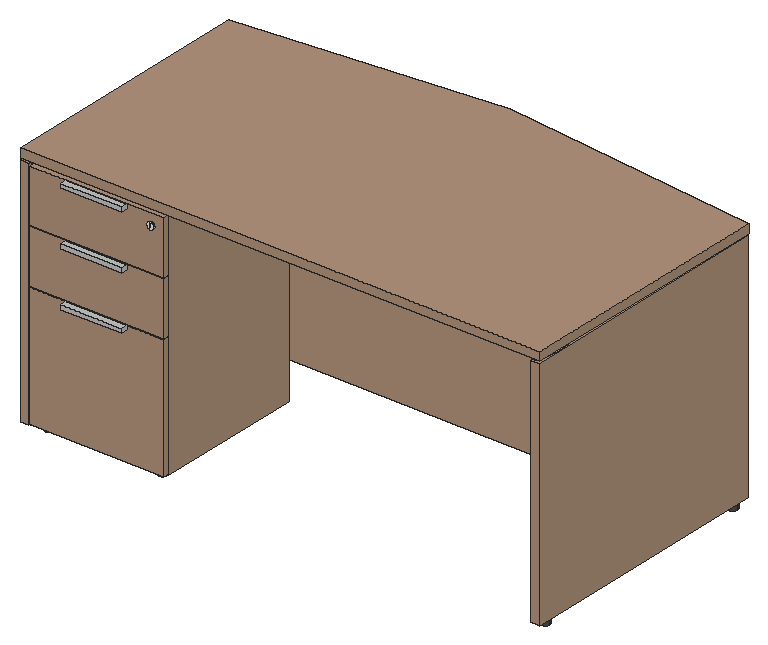
Revit family "Desks-Preconfigured-Teknion-B_SCBS_Convex_Desk_with_Single_Pedestal-R2019", category Furniture, Revit 2019
Family settings
  OmniClass Number = 23.40.20.00
  OmniClass Title = General Furniture and Specialties
  Work Plane-Based = No
  Always vertical = Yes
  Cut with Voids When Loaded = No
  Shared = Yes
  Room Calculation Point = No
Parameters (values of type "1" Thick WS, 30" Depth")
  Worksurface Thickness = 1.016"
  Worksurface Finish [instance] = Source Laminate - Teknion - 3M - Provincial Oak (Cross Grain)
  Width [instance] = 60.000"
  Warranty = "http://www.teknion.com/ca/papers/legal-canada"
  Unit Weight URL = "http://www.teknion.com/ca/tools/assets#&asset=bee6a381-b954-425e-8283-5a2de3a804f2,f828d448-4b62-4231-9e5f-9a8991c0ed77"
  URL = "www.teknion.com"
  To render please download texture images found here [instance] = "https://assets.teknion.com/web/5e81352c1dfdb467/revit-material-swatches/"
  Sustainability Data = "https://www.teknion.com/ca/tools/assets#&topic=216f99a5-57a0-44fc-b10a-9dee9b29ae4c&asset=444deb64-fe58-4b68-981e-f75e97781df7,b4ff2d81-9f2e-437d-9659-7cffb09c31cf"
  Storage Offset [instance] = if(Has Right Storage, 1.016", Actual Width - 16.516")  # 43.184"
  Storage Configuration Note = "Please choose one of the following options below."  # constant formula
  Series = "Expansion Casegoods"  # constant formula
  Rectangular Grommet [instance] = no
  Raidus Offset = if(Depth = 30.000", 7.981", 11.000")  # 7.981"
  Product Page URL = "https://www.teknion.com/ca/products/product-details?productLineId=0053336e-8e7a-673b-a6c8-ff00004460c4"
  Product Line = "Expansion Casegoods"  # constant formula
  Product Documentation Link = "https://www.teknion.com/pricing/expansion-casegoods/pdfs/B_SCBS_ppg.pdf"
  Part Number = "B_SCBS"  # constant formula
  Panel Offset [instance] = if(Depth = 36.000", 8.016", 5.016")  # 5.016"
  No Grommet Option [instance] = not(or(Elliptical Grommet, Rectangular Grommet))  # yes
  Model = "BDSCBS30____"
  Manufacturer Phone = "416-661-3370"  # constant formula
  Manufacturer Fax = "416.661.4586"  # constant formula
  Manufacturer Contact Information = "http://www.teknion.com/ca/contactus"
  Manufacturer Address = "1150 Flint Road, Toronto, ON. M3J 2J5. Canada"  # constant formula
  Manufacturer = "Teknion"  # constant formula
  How To Use Teknion Materials User Guide [instance] = "https://assets.teknion.com/m/205dd0a49fa58060/original/How-to-add-a-Material-Library-and-Texture-Images-to-your-Revit-project.pdf"
  Has Right Storage [instance] = not(Has Left Storage)  # no
  Has Left Storage [instance] = yes
  Hardware and Pull Finish [instance] = Paint - Teknion - Mica - Platinum
  Rectangular Grommet Offset = if(Depth = 36.000", 8.803", 6.834")  # 6.834"
  Grommet Option Note [instance] = "Please choose one of the following options."  # constant formula
  Grommet Finish [instance] = Paint - Teknion - Foundation - Soft Gris
  For Additional Finishes please visit [instance] = "https://assets.teknion.com/m/44a8009b046e5d47/original/Teknion_Materials_Library.zip"
  Elliptical Grommet Offset = if(Depth = 36.000", 2.209", 3.240")  # 3.240"
  Elliptical Grommet [instance] = no
  Drawer Front Finish [instance] = Source Laminate - Teknion - 3M - Provincial Oak
  Description = "Convex Desk with Single Pedestal, 1\" Worksurface Thickness, 30\" Depth"
  Depth = 30.000"
  Case, Gable, and Modesty Panel Finish [instance] = Source Laminate - Teknion - 3M - Provincial Oak
  Available Widths [instance] = if(and(Depth = 30.000", Worksurface Thickness = 1.016"), "60, 66, or 72 inches.", "60, 66, 72, 78, or 84 inches.")  # "60, 66, or 72 inches."
  Assembly Code = "E2020200"
  Actual Width [instance] = if(Width = 60.000", 59.700", if(Width = 66.000", 65.670", if(Width = 72.000", 71.640", if(Width = 78.000", 77.610", 83.580"))))  # 59.700"
Types (6): name | Worksurface Thickness | Raidus Offset | Panel Offset | Model | Rectangular Grommet Offset | Elliptical Grommet Offset | Description | Depth | Available Widths
  (no name) | 1.016" | 7.981" | 5.016" | "BDSCBS30____" | 6.834" | 3.240" | "Convex Desk with Single Pedestal, 1\" Worksurface Thickness, 30\" Depth" | 30.000" | "60, 66, or 72 inches."
  1-3/16" Thick WS, 36" Depth | 1.189" | 11.000" | 8.016" | "BMSCBS36____" | 8.803" | 2.209" | "Convex Desk with Single Pedestal, 1-3/16\" Worksurface Thickness, 36\" Depth" | 36.000" | "60, 66, 72, 78, or 84 inches."
  1-3/16" Thick WS, 30" Depth | 1.189" | 7.981" | 5.016" | "BMSCBS30____" | 6.834" | 3.240" | "Convex Desk with Single Pedestal, 1-3/16\" Worksurface Thickness, 30\" Depth" | 30.000" | "60, 66, 72, 78, or 84 inches."
  1" Thick WS, 30" Depth | 1.016" | 7.981" | 5.016" | "BDSCBS30____" | 6.834" | 3.240" | "Convex Desk with Single Pedestal, 1\" Worksurface Thickness, 30\" Depth" | 30.000" | "60, 66, or 72 inches."
  1-9/16" Thick WS, 36" Depth | 1.555" | 11.000" | 8.016" | "BXSCBS36____" | 8.803" | 2.209" | "Convex Desk with Single Pedestal, 1-9/16\" Worksurface Thickness, 36\" Depth" | 36.000" | "60, 66, 72, 78, or 84 inches."
  1-9/16" Thick WS, 30" Depth | 1.555" | 7.981" | 5.016" | "BXSCBS30____" | 6.834" | 3.240" | "Convex Desk with Single Pedestal, 1-9/16\" Worksurface Thickness, 30\" Depth" | 30.000" | "60, 66, 72, 78, or 84 inches."
Reference planes (in)
  plane 1 "Center Front/Back": y = 6.14394
  plane 2: z = 0
  plane 3 "Center Left/Right": x = -0.86967
  plane 4 "Left": x = -30.71967
  plane 5 "Right": x = 28.98033
  plane 6 "Back": y = 21.14394
  plane 7 "Front": y = -8.85606
  plane 8 "Top": z = 27.80709
  plane 9: x = -29.70392
  plane 10: x = 27.96459
  plane 11: y = 16.12794
  plane 12: x = -29.70367
  plane 13: y = 9.14394
  plane 14: z = 27.53543
  plane 15: z = 0.60236
  plane 16: z = 27.48031
  plane 17: z = 28.82309
  plane 18 "Storage Reference Plane": x = -14.20367
  plane 19 "Grommet Plane": y = 14.30994
Forms (in)
  Sweep 1, solid, material "Source Laminate - Teknion - 3M - Provincial Oak" <- "Case, Gable, and Modesty Panel Finish"
    path origin (0, 6.14394, 0) x (1, 0, 0) y (0, 0, 1)
      loop
        line (-0.86967, 0.60236) -> (-0.86967, 27.53543)
    profile origin (-0.86967, 6.14394, 14.0689) x (-1, 0, 0) y (0, -1, 0)
      loop
        line (28.83425, -15) -> (29.85, -15) -> (29.85, 15) -> (28.83425, 15) -> (28.83425, -15)
      loop
        line (-28.83425, -15) -> (-28.83425, 15) -> (-29.85, 15) -> (-29.85, -15) -> (-28.83425, -15)
  Sweep 2, solid, material "Source Laminate - Teknion - 3M - Provincial Oak" <- "Case, Gable, and Modesty Panel Finish"
    path origin (0, 6.14394, 0) x (1, 0, 0) y (0, 0, 1)
      loop
        line (-0.86967, 0.60236) -> (-0.86967, 27.53543)
    profile origin (-0.86967, 6.14394, 14.0689) x (-1, 0, 0) y (0, -1, 0)
      loop
        line (28.83425, -9.984) -> (28.83425, -8.96825) -> (-28.83425, -8.96825) -> (-28.83425, -9.984) -> (28.83425, -9.984)
  Sweep 3, solid, material "Source Laminate - Teknion - 3M - Provincial Oak" <- "Case, Gable, and Modesty Panel Finish"
    path origin (0, 6.14394, 0) x (1, 0, 0) y (0, 0, 1)
      loop
        line (20.96459, 0.60236) -> (20.96459, 27.48031)
    profile origin (20.96459, 6.14394, 14.04134) x (-1, 0, 0) y (0, -1, 0)
      loop
        line (50.66825, -3) -> (50.66825, 14.29921) -> (35.16825, 14.29921) -> (35.16825, -3) -> (50.66825, -3)
  Sweep 4, solid, material "Source Laminate - Teknion - 3M - Provincial Oak" <- "Drawer Front Finish"
    path origin (0, 0, 0) x (1, 0, 0) y (0, 1, 0)
      loop
        line (20.21459, -8.15527) -> (20.21459, -8.85606)
    profile origin (20.21459, -8.50566, 0) x (1, 0, 0) y (0, 0, 1)
      loop
        line (-49.918, 0.72047) -> (-34.41825, 0.72047) -> (-34.41825, 14.88189) -> (-49.918, 14.88189) -> (-49.918, 0.72047)
      loop
        line (-49.91825, 27.36221) -> (-49.91825, 21.24016) -> (-34.41825, 21.24016) -> (-34.41825, 27.36221) -> (-49.91825, 27.36221)
      loop
        line (-49.91825, 15) -> (-34.41825, 15) -> (-34.41825, 21.12205) -> (-49.91825, 21.12205) -> (-49.91825, 15)
  Sweep 5, solid, material "Paint - Teknion - Mica - Platinum" <- "Hardware and Pull Finish"
    path origin (0, 0, 0) x (1, 0, 0) y (0, 1, 0)
      loop
        line (20.21459, -9.60803) -> (20.21459, -8.85606)
    profile origin (20.21459, -9.23204, 0) x (-1, 0, 0) y (0, 0, 1)
      loop
        line (45.66825, 26.84252) -> (45.66825, 27.34252) -> (38.66825, 27.34252) -> (38.66825, 26.84252) -> (45.66825, 26.84252)
      loop
        line (38.66825, 21.10236) -> (38.66825, 20.60236) -> (45.66825, 20.60236) -> (45.66825, 21.10236) -> (38.66825, 21.10236)
      loop
        line (38.66825, 14.86221) -> (38.66825, 14.36221) -> (45.66825, 14.36221) -> (45.66825, 14.86221) -> (38.66825, 14.86221)
  Sweep 6, solid, material "Plastic - Teknion - E - Ebony"
    path origin (0, 6.14394, 0) x (1, 0, 0) y (0, 0, 1)
      loop
        line (-0.86967, 0) -> (-0.86967, 0.60236)
    profile origin (-0.86967, 6.14394, 0.30118) x (-1, 0, 0) y (0, -1, 0)
      loop
        circle (29.34276, -13.47847) r 0.5
      loop
        circle (-29.34276, -13.47847) r 0.5
      loop
        circle (29.34276, 13.47847) r 0.5
      loop
        circle (-29.34276, 13.47847) r 0.5
      loop
        circle (14.5959, 13.61) r 0.5
      loop
        circle (14.5959, -1.7482) r 0.5
      loop
        circle (27.57415, 13.61042) r 0.5
      loop
        circle (27.57415, -1.7482) r 0.5
  Sweep 7, solid, material "Metal - Teknion - C6 - Chrome"
    path origin (0, 0, 0) x (1, 0, 0) y (0, 1, 0)
      loop
        line (26.46852, -8.91511) -> (26.46852, -8.85606)
    profile origin (26.46852, -8.88559, 0) x (-1, 0, 0) y (0, 0, 1)
      loop
        line (42.21721, 26.28937) -> (42.11879, 26.28937) -> (42.11879, 25.91535) -> (42.21721, 25.91535) -> (42.21721, 26.28937)
      loop
        circle (42.168, 26.10236) r 0.39422
  Sweep 8, solid, material "Paint - Teknion - Mica - Platinum" <- "Hardware and Pull Finish"
    path origin (0, 6.14394, 0) x (1, 0, 0) y (0, 0, 1)
      loop
        line (-0.86967, 27.53543) -> (-0.86967, 27.80709)
    profile origin (-0.86967, 6.14394, 27.67126) x (-1, 0, 0) y (0, -1, 0)
      loop
        spline (28.83425, -9.47387) -> (28.60098, -9.56337) -> (28.38361, -9.82577) -> (28.19694, -10.24318) -> (28.05371, -10.78717) -> (27.96367, -11.42065) -> (27.93296, -12.10047) -> (27.96367, -12.78028) -> (28.05371, -13.41376) -> (28.19694, -13.95775) -> (28.38361, -14.37517) -> (28.60098, -14.63756) -> (28.83425, -14.72706)
        spline (28.83425, -14.72706) -> (29.06752, -14.63756) -> (29.2849, -14.37517) -> (29.47156, -13.95775) -> (29.61479, -13.41376) -> (29.70483, -12.78028) -> (29.73554, -12.10047) -> (29.70483, -11.42065) -> (29.61479, -10.78717) -> (29.47156, -10.24318) -> (29.2849, -9.82577) -> (29.06752, -9.56337) -> (28.83425, -9.47387)
      loop
        spline (-28.83425, -9.47387) -> (-29.06752, -9.56337) -> (-29.2849, -9.82577) -> (-29.47156, -10.24318) -> (-29.61479, -10.78717) -> (-29.70483, -11.42065) -> (-29.73554, -12.10047) -> (-29.70483, -12.78028) -> (-29.61479, -13.41376) -> (-29.47156, -13.95775) -> (-29.2849, -14.37517) -> (-29.06752, -14.63756) -> (-28.83425, -14.72706)
        spline (-28.83425, -14.72706) -> (-28.60098, -14.63756) -> (-28.38361, -14.37517) -> (-28.19694, -13.95775) -> (-28.05371, -13.41376) -> (-27.96367, -12.78028) -> (-27.93296, -12.10047) -> (-27.96367, -11.42065) -> (-28.05371, -10.78717) -> (-28.19694, -10.24318) -> (-28.38361, -9.82577) -> (-28.60098, -9.56337) -> (-28.83425, -9.47387)
      loop
        spline (28.83425, 9.47387) -> (29.06752, 9.56337) -> (29.2849, 9.82577) -> (29.47156, 10.24318) -> (29.61479, 10.78717) -> (29.70483, 11.42065) -> (29.73554, 12.10047) -> (29.70483, 12.78028) -> (29.61479, 13.41376) -> (29.47156, 13.95775) -> (29.2849, 14.37517) -> (29.06752, 14.63756) -> (28.83425, 14.72706)
        spline (28.83425, 14.72706) -> (28.60098, 14.63756) -> (28.38361, 14.37517) -> (28.19694, 13.95775) -> (28.05371, 13.41376) -> (27.96367, 12.78028) -> (27.93296, 12.10047) -> (27.96367, 11.42065) -> (28.05371, 10.78717) -> (28.19694, 10.24318) -> (28.38361, 9.82577) -> (28.60098, 9.56337) -> (28.83425, 9.47387)
      loop
        spline (-28.83425, 9.47387) -> (-28.60098, 9.56337) -> (-28.38361, 9.82577) -> (-28.19694, 10.24318) -> (-28.05371, 10.78717) -> (-27.96367, 11.42065) -> (-27.93296, 12.10047) -> (-27.96367, 12.78028) -> (-28.05371, 13.41376) -> (-28.19694, 13.95775) -> (-28.38361, 14.37517) -> (-28.60098, 14.63756) -> (-28.83425, 14.72706)
        spline (-28.83425, 14.72706) -> (-29.06752, 14.63756) -> (-29.2849, 14.37517) -> (-29.47156, 13.95775) -> (-29.61479, 13.41376) -> (-29.70483, 12.78028) -> (-29.73554, 12.10047) -> (-29.70483, 11.42065) -> (-29.61479, 10.78717) -> (-29.47156, 10.24318) -> (-29.2849, 9.82577) -> (-29.06752, 9.56337) -> (-28.83425, 9.47387)
  Sweep 9, solid, material "Source Laminate - Teknion - 3M - Provincial Oak (Cross Grain)" <- "Worksurface Finish"
    path origin (0, -8.85606, 0) x (-1, 0, 0) y (0, 0, 1)
      loop
        line (0.86967, 28.82309) -> (0.86967, 27.80709)
    profile origin (-0.86967, -8.85606, 28.31509) x (0, -1, 0) y (1, 0, 0)
      loop
        line (-30, -29.85) -> (0, -29.85) -> (0, 29.85) -> (-30, 29.85)
        arc (-30, 29.85) -> (-32.965, 0) -> (-30, -29.85) r 151.73925
  Sweep 10, solid, material "Paint - Teknion - Foundation - Soft Gris" <- "Grommet Finish", visible <- "Elliptical Grommet"
    path origin (0, -8.85606, 0) x (-1, 0, 0) y (0, 0, 1)
      loop
        line (25.95392, 28.82309) -> (25.95392, 28.94806)
    profile origin (-25.95392, -8.85606, 28.88557) x (-1, 0, 0) y (0, -1, 0)
      loop
        spline (2.6401, -21.74132) -> (2.54213, -21.42545) -> (2.25492, -21.13111) -> (1.79803, -20.87835) -> (1.2026, -20.6844) -> (0.5092, -20.56248) -> (-0.2349, -20.52089) -> (-0.97901, -20.56248) -> (-1.6724, -20.6844) -> (-2.26783, -20.87835) -> (-2.72473, -21.13111) -> (-3.01194, -21.42545) -> (-3.1099, -21.74132)
        spline (-3.1099, -21.74132) -> (-3.01194, -22.05719) -> (-2.72473, -22.35154) -> (-2.26783, -22.60429) -> (-1.6724, -22.79824) -> (-0.97901, -22.92017) -> (-0.2349, -22.96175) -> (0.5092, -22.92017) -> (1.2026, -22.79824) -> (1.79803, -22.60429) -> (2.25492, -22.35154) -> (2.54213, -22.05719) -> (2.6401, -21.74132)
      loop
        arc (1.66881, -22.54503) -> (-0.22737, -22.11958) -> (-2.12355, -22.54503) r 4.43823
        arc (-2.12355, -22.54503) -> (-0.22737, -22.85333) -> (1.66881, -22.54503) r 5.98534
      loop
        arc (1.66881, -20.93761) -> (-0.22737, -20.62931) -> (-2.12355, -20.93761) r 5.98534
        arc (-2.12355, -20.93761) -> (-0.22737, -21.36306) -> (1.66881, -20.93761) r 4.43823
      loop
        spline (-47.05931, -21.74132) -> (-47.15727, -21.42545) -> (-47.44449, -21.13111) -> (-47.90138, -20.87835) -> (-48.49681, -20.6844) -> (-49.19021, -20.56248) -> (-49.93431, -20.52089) -> (-50.67842, -20.56248) -> (-51.37181, -20.6844) -> (-51.96724, -20.87835) -> (-52.42413, -21.13111) -> (-52.71135, -21.42545) -> (-52.80931, -21.74132)
        spline (-52.80931, -21.74132) -> (-52.71135, -22.05719) -> (-52.42413, -22.35154) -> (-51.96724, -22.60429) -> (-51.37181, -22.79824) -> (-50.67842, -22.92017) -> (-49.93431, -22.96175) -> (-49.19021, -22.92017) -> (-48.49681, -22.79824) -> (-47.90138, -22.60429) -> (-47.44449, -22.35154) -> (-47.15727, -22.05719) -> (-47.05931, -21.74132)
      loop
        arc (-48.0306, -22.54503) -> (-49.92678, -22.11958) -> (-51.82296, -22.54503) r 4.43823
        arc (-51.82296, -22.54503) -> (-49.92678, -22.85333) -> (-48.0306, -22.54503) r 5.98534
      loop
        arc (-48.0306, -20.93761) -> (-49.92678, -20.62931) -> (-51.82296, -20.93761) r 5.98534
        arc (-51.82296, -20.93761) -> (-49.92678, -21.36306) -> (-48.0306, -20.93761) r 4.43823
  Sweep 11, solid, material "Paint - Teknion - Foundation - Soft Gris" <- "Grommet Finish", visible <- "Rectangular Grommet"
    path origin (0, -8.85606, 0) x (-1, 0, 0) y (0, 0, 1)
      loop
        line (0.86967, 28.82309) -> (0.86967, 28.98054)
    profile origin (-0.86967, -8.85606, 28.90182) x (-1, 0, 0) y (0, -1, 0)
      loop
        line (24.37107, -23.166) -> (24.37107, -20.32194) -> (21.52284, -20.32194) -> (21.52284, -23.166) -> (24.37107, -23.166)
      loop
        line (-28.17716, -23.166) -> (-25.32893, -23.166) -> (-25.32893, -20.32194) -> (-28.17716, -20.32194) -> (-28.17716, -23.166)
  Sweep 12, solid, material "Paint - Teknion - Foundation - Soft Gris" <- "Grommet Finish", visible <- "Rectangular Grommet"
    path origin (0, -8.85606, 0) x (-1, 0, 0) y (0, 0, 1)
      loop
        line (0.86967, 28.82309) -> (0.86967, 28.98054)
    profile origin (-0.86967, -8.85606, 28.90182) x (-1, 0, 0) y (0, -1, 0)
      loop
        line (24.37107, -23.16637) -> (28.17716, -23.16637) -> (28.17716, -20.32231) -> (24.37107, -20.32231) -> (24.37107, -21.53166) -> (26.64967, -21.53166) -> (26.64967, -21.95701) -> (24.37107, -21.95701) -> (24.37107, -23.16637)
      loop
        line (-21.52284, -20.32194) -> (-25.32893, -20.32194) -> (-25.32893, -21.53129) -> (-23.05033, -21.53129) -> (-23.05033, -21.95664) -> (-25.32893, -21.95664) -> (-25.32893, -23.166) -> (-21.52284, -23.166) -> (-21.52284, -20.32194)
Lines and regions (in)
  Masking region 1
    outline origin (0, 0, 0) x (1, 0, 0) y (0, 1, 0)
      loop
        line (-30.71967, 21.14394) -> (-30.71967, -8.85606) -> (28.98033, -8.85606) -> (28.98033, 21.14394)
        arc (28.98033, 21.14394) -> (-0.86967, 24.10894) -> (-30.71967, 21.14394) r 151.73925
  Masking region 2
    outline origin (0, 0, 0) x (1, 0, 0) y (0, 1, 0)
      loop
        line (-18.45367, -9.60803) -> (-18.45367, -8.85606) -> (-25.45367, -8.85606) -> (-25.45367, -9.60803) -> (-18.45367, -9.60803)
  Masking region 3
    outline origin (0, 0, 0) x (1, 0, 0) y (0, 1, 0)
      loop
        line (26.86274, -8.91511) -> (26.86274, -8.85606) -> (26.07431, -8.85606) -> (26.07431, -8.91511) -> (26.86274, -8.91511)
  symbolic lines, style "FurnitureHiddenLines", detail levels medium+fine
    curve 1: line (-14.20367, 9.14394, 0) -> (-29.70367, 9.14394, 0)
    curve 2: line (-29.70367, 9.14394, 0) -> (-29.70367, -8.15527, 0)
    curve 3: line (27.96459, 21.14394, 0) -> (27.96459, -8.85606, 0)
    curve 4: line (28.98033, 21.14394, 0) -> (27.96459, 21.14394, 0)
    curve 5: line (-29.70392, 15.11219, 0) -> (27.96459, 15.11219, 0)
    curve 6: line (27.96459, 16.12794, 0) -> (-29.70392, 16.12794, 0)
    curve 7: line (-29.70392, -8.85606, 0) -> (-29.70392, 21.14394, 0)
    curve 8: line (-29.70392, 21.14394, 0) -> (-30.71967, 21.14394, 0)
    curve 38: line (-29.70367, -8.15527, 0) -> (-29.70367, -8.85606, 0)
    curve 40: line (-14.20367, -8.15527, 0) -> (-14.20367, 9.14394, 0)
    curve 41: line (-29.70367, -8.15527, 0) -> (-14.20367, -8.15527, 0)
  symbolic lines, style "FurnitureHiddenLines", detail levels fine
    curve 9: spline (-29.70392, -8.58312, 0) -> (-29.47118, -8.49362, 0) -> (-29.2543, -8.23122, 0) -> (-29.06807, -7.81381, 0) -> (-28.92516, -7.26982, 0) -> (-28.83533, -6.63634, 0) -> (-28.80469, -5.95653, 0) -> (-28.83533, -5.27671, 0) -> (-28.92516, -4.64323, 0) -> (-29.06807, -4.09924, 0) -> (-29.2543, -3.68183, 0) -> (-29.47118, -3.41943, 0) -> (-29.70392, -3.32993, 0) -> (-29.93665, -3.41943, 0) -> (-30.15353, -3.68183, 0) -> (-30.33977, -4.09924, 0) -> (-30.48267, -4.64323, 0) -> (-30.5725, -5.27671, 0) -> (-30.60315, -5.95653, 0) -> (-30.5725, -6.63634, 0) -> (-30.48267, -7.26982, 0) -> (-30.33977, -7.81381, 0) -> (-30.15353, -8.23122, 0) -> (-29.93665, -8.49362, 0) -> (-29.70392, -8.58312, 0)
    curve 10: spline (-29.70392, 15.61781, 0) -> (-29.47118, 15.70731, 0) -> (-29.2543, 15.96971, 0) -> (-29.06807, 16.38712, 0) -> (-28.92516, 16.93111, 0) -> (-28.83533, 17.5646, 0) -> (-28.80469, 18.24441, 0) -> (-28.83533, 18.92422, 0) -> (-28.92516, 19.55771, 0) -> (-29.06807, 20.10169, 0) -> (-29.2543, 20.51911, 0) -> (-29.47118, 20.78151, 0) -> (-29.70392, 20.871, 0) -> (-29.93665, 20.78151, 0) -> (-30.15353, 20.51911, 0) -> (-30.33977, 20.10169, 0) -> (-30.48267, 19.55771, 0) -> (-30.5725, 18.92422, 0) -> (-30.60315, 18.24441, 0) -> (-30.5725, 17.5646, 0) -> (-30.48267, 16.93111, 0) -> (-30.33977, 16.38712, 0) -> (-30.15353, 15.96971, 0) -> (-29.93665, 15.70731, 0) -> (-29.70392, 15.61781, 0)
    curve 11: spline (27.96459, -8.58312, 0) -> (28.19732, -8.49362, 0) -> (28.4142, -8.23122, 0) -> (28.60044, -7.81381, 0) -> (28.74334, -7.26982, 0) -> (28.83317, -6.63634, 0) -> (28.86381, -5.95653, 0) -> (28.83317, -5.27671, 0) -> (28.74334, -4.64323, 0) -> (28.60044, -4.09924, 0) -> (28.4142, -3.68183, 0) -> (28.19732, -3.41943, 0) -> (27.96459, -3.32993, 0) -> (27.73185, -3.41943, 0) -> (27.51497, -3.68183, 0) -> (27.32874, -4.09924, 0) -> (27.18583, -4.64323, 0) -> (27.096, -5.27671, 0) -> (27.06536, -5.95653, 0) -> (27.096, -6.63634, 0) -> (27.18583, -7.26982, 0) -> (27.32874, -7.81381, 0) -> (27.51497, -8.23122, 0) -> (27.73185, -8.49362, 0) -> (27.96459, -8.58312, 0)
    curve 18: arc (-30.71242, -7.33452, 0) -> (-30.21242, -6.83452, 0) -> (-29.71242, -7.33452, 0) r 0.5
    curve 19: arc (-29.71242, -7.33452, 0) -> (-30.21242, -7.83452, 0) -> (-30.71242, -7.33452, 0) r 0.5
    curve 20: arc (-30.71242, 19.62241, 0) -> (-30.21242, 20.12241, 0) -> (-29.71242, 19.62241, 0) r 0.5
    curve 21: arc (-29.71242, 19.62241, 0) -> (-30.21242, 19.12241, 0) -> (-30.71242, 19.62241, 0) r 0.5
    curve 22: arc (27.97309, 19.62241, 0) -> (28.47309, 20.12241, 0) -> (28.97309, 19.62241, 0) r 0.5
    curve 23: arc (28.97309, 19.62241, 0) -> (28.47309, 19.12241, 0) -> (27.97309, 19.62241, 0) r 0.5
    curve 24: arc (27.97309, -7.33452, 0) -> (28.47309, -6.83452, 0) -> (28.97309, -7.33452, 0) r 0.5
    curve 25: arc (28.97309, -7.33452, 0) -> (28.47309, -7.83452, 0) -> (27.97309, -7.33452, 0) r 0.5
    curve 26: arc (-15.96557, -7.46606, 0) -> (-15.46557, -6.96606, 0) -> (-14.96557, -7.46606, 0) r 0.5
    curve 27: arc (-14.96557, -7.46606, 0) -> (-15.46557, -7.96606, 0) -> (-15.96557, -7.46606, 0) r 0.5
    curve 28: arc (-15.96557, 7.89214, 0) -> (-15.46557, 8.39214, 0) -> (-14.96557, 7.89214, 0) r 0.5
    curve 29: arc (-14.96557, 7.89214, 0) -> (-15.46557, 7.39214, 0) -> (-15.96557, 7.89214, 0) r 0.5
    curve 30: arc (-28.94381, 7.89214, 0) -> (-28.44381, 8.39214, 0) -> (-27.94381, 7.89214, 0) r 0.5
    curve 31: arc (-27.94381, 7.89214, 0) -> (-28.44381, 7.39214, 0) -> (-28.94381, 7.89214, 0) r 0.5
    curve 32: arc (-28.94381, -7.46648, 0) -> (-28.44381, -6.96648, 0) -> (-27.94381, -7.46648, 0) r 0.5
    curve 33: arc (-27.94381, -7.46648, 0) -> (-28.44381, -7.96648, 0) -> (-28.94381, -7.46648, 0) r 0.5
    curve 39: spline (27.96459, 15.61781, 0) -> (28.19732, 15.70731, 0) -> (28.4142, 15.96971, 0) -> (28.60044, 16.38712, 0) -> (28.74334, 16.93111, 0) -> (28.83317, 17.5646, 0) -> (28.86381, 18.24441, 0) -> (28.83317, 18.92422, 0) -> (28.74334, 19.55771, 0) -> (28.60044, 20.10169, 0) -> (28.4142, 20.51911, 0) -> (28.19732, 20.78151, 0) -> (27.96459, 20.871, 0) -> (27.73185, 20.78151, 0) -> (27.51497, 20.51911, 0) -> (27.32874, 20.10169, 0) -> (27.18583, 19.55771, 0) -> (27.096, 18.92422, 0) -> (27.06536, 18.24441, 0) -> (27.096, 17.5646, 0) -> (27.18583, 16.93111, 0) -> (27.32874, 16.38712, 0) -> (27.51497, 15.96971, 0) -> (27.73185, 15.70731, 0) -> (27.96459, 15.61781, 0)
  symbolic lines, visible <- "Elliptical Grommet"
    curve 12: arc (-23.83037, 13.68897, 0) -> (-25.72655, 13.99727, 0) -> (-27.62273, 13.68897, 0) r 5.98534
    curve 13: arc (-27.62273, 13.68897, 0) -> (-25.72655, 13.26352, 0) -> (-23.83037, 13.68897, 0) r 4.43823
    curve 14: arc (-23.83037, 12.08155, 0) -> (-25.72655, 12.507, 0) -> (-27.62273, 12.08155, 0) r 4.43823
    curve 15: arc (-27.62273, 12.08155, 0) -> (-25.72655, 11.77326, 0) -> (-23.83037, 12.08155, 0) r 5.98534
    curve 16: spline (-28.59401, 12.88794, 0) -> (-28.49605, 13.20376, 0) -> (-28.20884, 13.49806, 0) -> (-27.75195, 13.75078, 0) -> (-27.15651, 13.9447, 0) -> (-26.46312, 14.0666, 0) -> (-25.71901, 14.10818, 0) -> (-24.97491, 14.0666, 0) -> (-24.28151, 13.9447, 0) -> (-23.68608, 13.75078, 0) -> (-23.22919, 13.49806, 0) -> (-22.94198, 13.20376, 0) -> (-22.84401, 12.88794, 0) -> (-22.94198, 12.57212, 0) -> (-23.22919, 12.27782, 0) -> (-23.68608, 12.0251, 0) -> (-24.28151, 11.83118, 0) -> (-24.97491, 11.70928, 0) -> (-25.71901, 11.6677, 0) -> (-26.46312, 11.70928, 0) -> (-27.15651, 11.83118, 0) -> (-27.75195, 12.0251, 0) -> (-28.20884, 12.27782, 0) -> (-28.49605, 12.57212, 0) -> (-28.59401, 12.88794, 0)
    curve 17: spline (21.10539, 12.88794, 0) -> (21.20336, 13.20373, 0) -> (21.49057, 13.498, 0) -> (21.94746, 13.75069, 0) -> (22.54289, 13.94459, 0) -> (23.23629, 14.06648, 0) -> (23.98039, 14.10805, 0) -> (24.7245, 14.06648, 0) -> (25.41789, 13.94459, 0) -> (26.01333, 13.75069, 0) -> (26.47022, 13.498, 0) -> (26.75743, 13.20373, 0) -> (26.85539, 12.88794, 0) -> (26.75743, 12.57215, 0) -> (26.47022, 12.27788, 0) -> (26.01333, 12.02519, 0) -> (25.41789, 11.83129, 0) -> (24.7245, 11.7094, 0) -> (23.98039, 11.66783, 0) -> (23.23629, 11.7094, 0) -> (22.54289, 11.83129, 0) -> (21.94746, 12.02519, 0) -> (21.49057, 12.27788, 0) -> (21.20336, 12.57215, 0) -> (21.10539, 12.88794, 0)
    curve 34: arc (25.86904, 13.68897, 0) -> (23.97286, 13.99727, 0) -> (22.07668, 13.68897, 0) r 5.98534
    curve 35: arc (22.07668, 13.68897, 0) -> (23.97286, 13.26352, 0) -> (25.86904, 13.68897, 0) r 4.43823
    curve 36: arc (25.86904, 12.08155, 0) -> (23.97286, 12.507, 0) -> (22.07668, 12.08155, 0) r 4.43823
    curve 37: arc (22.07668, 12.08155, 0) -> (23.97286, 11.77326, 0) -> (25.86904, 12.08155, 0) r 5.98534
  symbolic lines, visible <- "Rectangular Grommet"
    curve 42: line (-25.24073, 14.30994, 0) -> (-25.24073, 11.46588, 0)
    curve 43: line (-22.39251, 14.30994, 0) -> (-25.24073, 14.30994, 0)
    curve 44: line (-22.39251, 11.46588, 0) -> (-22.39251, 14.30994, 0)
    curve 45: line (-25.24073, 11.46588, 0) -> (-22.39251, 11.46588, 0)
    curve 46: line (-29.04682, 11.46625, 0) -> (-25.24073, 11.46625, 0)
    curve 47: line (-29.04682, 14.31031, 0) -> (-29.04682, 11.46625, 0)
    curve 48: line (-25.24073, 14.31031, 0) -> (-29.04682, 14.31031, 0)
    curve 49: line (-27.51934, 13.10095, 0) -> (-25.24073, 13.10095, 0)
    curve 50: line (-27.51934, 12.67561, 0) -> (-27.51934, 13.10095, 0)
    curve 51: line (-25.24073, 12.67561, 0) -> (-27.51934, 12.67561, 0)
    curve 52: line (24.45926, 14.30994, 0) -> (24.45926, 11.46588, 0)
    curve 53: line (27.30749, 14.30994, 0) -> (24.45926, 14.30994, 0)
    curve 54: line (27.30749, 11.46588, 0) -> (27.30749, 14.30994, 0)
    curve 55: line (24.45926, 11.46588, 0) -> (27.30749, 11.46588, 0)
    curve 56: line (20.65318, 11.46588, 0) -> (24.45926, 11.46588, 0)
    curve 57: line (20.65318, 14.30994, 0) -> (20.65318, 11.46588, 0)
    curve 58: line (24.45926, 14.30994, 0) -> (20.65318, 14.30994, 0)
    curve 59: line (22.18066, 13.10058, 0) -> (24.45926, 13.10058, 0)
    curve 60: line (22.18066, 12.67524, 0) -> (22.18066, 13.10058, 0)
    curve 61: line (24.45926, 12.67524, 0) -> (22.18066, 12.67524, 0)
Dimensions and locks (in)
  "Actual Width": plane 4 "Left" to plane 5 "Right"
  "Depth": plane 6 "Back" to plane 7 "Front"
  locked: plane 8 "Top" to level at 27.80709
  equal spacing: plane 7 "Front", plane 1 "Center Front/Back", plane 6 "Back"
  equal spacing: plane 4 "Left", plane 3 "Center Left/Right", plane 5 "Right"
  locked: plane 4 "Left" to plane 9 at 1.01575
  locked: plane 10 to plane 5 "Right" at 1.01575
  "Panel Offset": plane 6 "Back" to plane 11
  locked: plane 13 to plane 7 "Front" at 18
  locked: plane 12 to plane 18 "Storage Reference Plane" at 15.5
  locked: plane 8 "Top" to plane 14 at 0.27165
  locked: plane 15 to level at 0.60236
  locked: plane 16 to level at 27.48031
  locked: plane 7 "Front" to Sweep 3 sketch curve at 0.70079
  locked: plane 7 "Front" to Sweep 4 sketch curve at 0.70079
  Sweep 4 sketch curve to Sweep 4 sketch curve to Sweep 4 sketch curve to Sweep 4 sketch curve to Sweep 4 sketch curve to level = 6.12205" locked, 0.11811" locked, 6.24016" locked, 14.16142" locked, 0.72047" locked
  locked: Sweep 5 sketch curve to plane 7 "Front" at 0.75197
  Sweep 5 sketch curve to Sweep 5 sketch curve to Sweep 5 sketch curve to Sweep 5 sketch curve to Sweep 5 sketch curve to Sweep 5 sketch curve to level = 0.500" locked, 5.74016" locked, 0.500" locked, 5.74016" locked, 0.500" locked, 14.36221" locked
  Sweep 5 sketch curve to Sweep 5 sketch curve to Sweep 5 sketch curve to Sweep 5 sketch curve to Sweep 5 sketch curve to Sweep 5 sketch curve to plane 12 = 0.000" locked, 0.000" locked, 7.000" locked, 0.000" locked, 0.000" locked, 4.250" locked
  locked: plane 6 "Back" to Sweep 6 sketch curve at 1.52153  (x2)
  locked: plane 4 "Left" to Sweep 6 sketch curve at 0.50724  (x2)
  locked: Sweep 6 sketch curve to plane 5 "Right" at 0.50724  (x2)
  locked: plane 7 "Front" to Sweep 6 sketch curve at 1.52153  (x2)
  locked: Sweep 7 sketch curve to plane 7 "Front" at 0.05906
  Sweep 7 sketch curve to Sweep 7 sketch curve to Sweep 7 sketch curve to plane 18 "Storage Reference Plane" = 0.04921" locked, 0.04921" locked, 1.4466" locked
  plane 16 to Sweep 7 sketch curve to Sweep 7 sketch curve to Sweep 7 sketch curve = 1.19094" locked, 0.18701" locked, 0.18701" locked
  plane 12 to Sweep 6 sketch curve to Sweep 6 sketch curve = 1.25985" locked, 0.000" locked
  Sweep 6 sketch curve to Sweep 6 sketch curve to plane 18 "Storage Reference Plane" = 0.000" locked, 1.2619" locked
  plane 7 "Front" to Sweep 6 sketch curve to Sweep 6 sketch curve = 1.38958" locked, 0.00041" locked
  plane 13 to Sweep 6 sketch curve to Sweep 6 sketch curve = 1.2518" locked, 0.000" locked
  locked: plane 6 "Back" to Sweep 8 sketch curve at 2.89953  (x2)
  locked: plane 4 "Left" to Sweep 8 sketch curve at 1.01575  (x2)
  locked: plane 7 "Front" to Sweep 8 sketch curve at 2.89953  (x2)
  locked: Sweep 8 sketch curve to plane 5 "Right" at 1.01575  (x2)
  "Worksurface Thickness": plane 17 to plane 8 "Top"
  "Raidus Offset": Sweep 9 sketch curve to plane 11
  locked: plane 3 "Center Left/Right" to Sweep 9 sketch curve at 0
  locked: Sweep 10 sketch curve to plane 17 at 0.12498
  plane 4 "Left" to Sweep 10 sketch curve to Sweep 10 sketch curve to Sweep 10 sketch curve to Sweep 10 sketch curve to Sweep 10 sketch curve = 4.99312" locked, 0.000" locked, 0.000" locked, 0.000" locked, 0.00753" locked
  Sweep 10 sketch curve to Sweep 10 sketch curve to plane 19 "Grommet Plane" to Sweep 10 sketch curve to Sweep 10 sketch curve to Sweep 10 sketch curve = 0.05685" locked, 3.39181" locked, 1.42468" locked, 4.81649" locked, 0.05685" locked
  Sweep 10 sketch curve to Sweep 10 sketch curve to Sweep 10 sketch curve to Sweep 10 sketch curve to Sweep 10 sketch curve to plane 5 "Right" = 0.000" locked, 0.000" locked, 0.000" locked, 0.00753" locked, 4.99994" locked
  Sweep 10 sketch curve to Sweep 10 sketch curve to plane 19 "Grommet Plane" to Sweep 10 sketch curve to Sweep 10 sketch curve to Sweep 10 sketch curve = 0.05685", 3.39181", 1.42468", 4.81649", 0.05685"
  "Raidus Offset": Masking region 1 sketch curve to plane 11
  locked: plane 3 "Center Left/Right" to Masking region 1 sketch curve at 0
  Masking region 3 sketch curve to Masking region 3 sketch curve to plane 10 = 0.78844" locked, 1.10185" locked
  locked: plane 4 "Left" to curve 9 at 1.01575
  locked: curve 11 to plane 5 "Right" at 1.01575
  locked: plane 4 "Left" to curve 16 at 5.00065
  locked: curve 17 to plane 5 "Right" at 4.99994
  locked: plane 6 "Back" to curve 10 at 0.27294
  locked: curve 10 to curve 10 at 2.6266
  locked: curve 39 to curve 39 at 2.6266
  locked: plane 6 "Back" to curve 39 at 0.27294
  locked: curve 9 to curve 9 at 2.6266
  locked: plane 7 "Front" to curve 9 at 0.27294
  locked: plane 7 "Front" to curve 11 at 0.27294
  locked: curve 11 to curve 11 at 2.6266
  "Storage Offset": plane 18 "Storage Reference Plane" to plane 5 "Right"
  locked: curve 41 to plane 12
  locked: plane 18 "Storage Reference Plane" to curve 41 at 0
  locked: Sweep 11 sketch curve to plane 17 at 0.15746
  plane 4 "Left" to Sweep 11 sketch curve to Sweep 11 sketch curve = 5.47893" locked, 2.84823" locked
  Sweep 11 sketch curve to plane 19 "Grommet Plane" to Sweep 11 sketch curve = 0.000" locked, 2.84406" locked  (x2)
  plane 5 "Right" to Sweep 11 sketch curve to Sweep 11 sketch curve = 1.67284" locked, 2.84823" locked
  plane 4 "Left" to Sweep 12 sketch curve to Sweep 12 sketch curve to Sweep 12 sketch curve to Sweep 12 sketch curve = 1.67284" locked, 1.52748" locked, 2.2786" locked, 0.000" locked
  Sweep 12 sketch curve to plane 19 "Grommet Plane" to Sweep 12 sketch curve to Sweep 12 sketch curve to Sweep 12 sketch curve = 0.00037" locked, 1.20899" locked, 0.42535" locked, 1.20936" locked
  Sweep 12 sketch curve to Sweep 12 sketch curve to Sweep 12 sketch curve to Sweep 12 sketch curve to plane 5 "Right" = 1.52748" locked, 2.2786" locked, 0.000" locked, 4.52107" locked
  Sweep 12 sketch curve to plane 19 "Grommet Plane" to Sweep 12 sketch curve to Sweep 12 sketch curve to Sweep 12 sketch curve = 0.000" locked, 1.20936" locked, 0.42535" locked, 1.20936" locked
  "Rectangular Grommet Offset": plane 6 "Back" to plane 19 "Grommet Plane"
  locked: plane 11 to Sweep 2 sketch curve at 1.01575
  "Elliptical Grommet Offset": curve 17 to plane 11
  "Elliptical Grommet Offset": curve 16 to plane 11
  locked: curve 16 to curve 16 at 2.875
  locked: curve 17 to curve 17 at 2.875
  aligned and locked: level to plane 2
  aligned and locked: plane 15 to Sweep 1 sketch curve
  aligned and locked: plane 14 to Sweep 1 sketch curve
  aligned and locked: plane 3 "Center Left/Right" to Sweep 1 sketch curve
  aligned and locked: Sweep 1 sketch curve to plane 9
  aligned and locked: Sweep 1 sketch curve to plane 6 "Back"  (x2)
  aligned and locked: Sweep 1 sketch curve to plane 4 "Left"
  aligned and locked: plane 7 "Front" to Sweep 1 sketch curve  (x2)
  aligned and locked: Sweep 1 sketch curve to plane 10
  aligned and locked: plane 5 "Right" to Sweep 1 sketch curve
  aligned and locked: plane 14 to Sweep 2 sketch curve
  aligned and locked: plane 15 to Sweep 2 sketch curve
  aligned and locked: plane 3 "Center Left/Right" to Sweep 2 sketch curve
  aligned and locked: Sweep 2 sketch curve to plane 11
  aligned and locked: Sweep 2 sketch curve to plane 9
  aligned and locked: Sweep 2 sketch curve to plane 10
  aligned and locked: plane 16 to Sweep 3 sketch curve
  aligned and locked: plane 15 to Sweep 3 sketch curve
  aligned and locked: Sweep 3 sketch curve to plane 13
  aligned and locked: Sweep 3 sketch curve to plane 12
  aligned and locked: plane 7 "Front" to Sweep 4 sketch curve
  aligned and locked: Sweep 4 sketch curve to plane 12
  aligned and locked: plane 7 "Front" to Sweep 5 sketch curve
  aligned and locked: level to Sweep 6 sketch curve
  aligned and locked: plane 15 to Sweep 6 sketch curve
  aligned and locked: plane 7 "Front" to Sweep 7 sketch curve
  aligned and locked: plane 14 to Sweep 8 sketch curve
  aligned and locked: plane 8 "Top" to Sweep 8 sketch curve
  aligned and locked: plane 8 "Top" to Sweep 9 sketch curve
  aligned and locked: plane 17 to Sweep 9 sketch curve
  aligned and locked: Sweep 9 sketch curve to plane 7 "Front"
  aligned and locked: plane 6 "Back" to Sweep 9 sketch curve  (x2)
  aligned and locked: plane 5 "Right" to Sweep 9 sketch curve
  aligned and locked: plane 17 to Sweep 10 sketch curve
  aligned and locked: Masking region 1 sketch curve to Sweep 9  (x3)
  aligned and locked: Masking region 2 sketch curve to Sweep 5  (x3)
  aligned and locked: plane 7 "Front" to Masking region 2 sketch curve
  aligned and locked: Masking region 3 sketch curve to Sweep 7  (x2)
  aligned and locked: curve 1 to Sweep 3
  aligned and locked: curve 2 to Sweep 3
  aligned and locked: curve 3 to Sweep 1
  aligned and locked: curve 4 to Sweep 1
  aligned and locked: curve 5 to Sweep 2
  aligned and locked: curve 6 to Sweep 2
  aligned and locked: curve 7 to Sweep 1
  aligned and locked: curve 8 to Sweep 1
  aligned and locked: curve 12 to Sweep 10
  aligned and locked: curve 13 to Sweep 10
  aligned and locked: curve 14 to Sweep 10
  aligned and locked: curve 15 to Sweep 10
  aligned and locked: curve 18 to Sweep 6
  aligned and locked: curve 19 to Sweep 6
  aligned and locked: curve 20 to Sweep 6
  aligned and locked: curve 21 to Sweep 6
  aligned and locked: curve 22 to Sweep 6
  aligned and locked: curve 23 to Sweep 6
  aligned and locked: curve 24 to Sweep 6
  aligned and locked: curve 25 to Sweep 6
  aligned and locked: curve 26 to Sweep 6
  aligned and locked: curve 27 to Sweep 6
  aligned and locked: curve 28 to Sweep 6
  aligned and locked: curve 29 to Sweep 6
  aligned and locked: curve 30 to Sweep 6
  aligned and locked: curve 31 to Sweep 6
  aligned and locked: curve 32 to Sweep 6
  aligned and locked: curve 33 to Sweep 6
  aligned and locked: curve 34 to Sweep 10
  aligned and locked: curve 35 to Sweep 10
  aligned and locked: curve 36 to Sweep 10
  aligned and locked: curve 37 to Sweep 10
  aligned and locked: plane 9 to curve 10
  aligned and locked: plane 10 to curve 39
  aligned and locked: Sweep 3 sketch curve to plane 18 "Storage Reference Plane"
  aligned and locked: Sweep 4 sketch curve to plane 18 "Storage Reference Plane"  (x3)
  aligned and locked: curve 41 to Sweep 3
  aligned and locked: plane 17 to Sweep 11 sketch curve
  aligned and locked: plane 3 "Center Left/Right" to Sweep 11 sketch curve
  aligned and locked: curve 42 to Sweep 11
  aligned and locked: curve 43 to Sweep 11
  aligned and locked: curve 44 to Sweep 11
  aligned and locked: curve 45 to Sweep 11
  aligned and locked: curve 46 to Sweep 12
  aligned and locked: curve 47 to Sweep 12
  aligned and locked: curve 48 to Sweep 12
  aligned and locked: curve 49 to Sweep 12
  aligned and locked: curve 50 to Sweep 12
  aligned and locked: curve 51 to Sweep 12
  aligned and locked: curve 52 to Sweep 11
  aligned and locked: curve 53 to Sweep 11
  aligned and locked: curve 54 to Sweep 11
  aligned and locked: curve 55 to Sweep 11
  aligned and locked: curve 56 to Sweep 12
  aligned and locked: curve 57 to Sweep 12
  aligned and locked: curve 58 to Sweep 12
  aligned and locked: curve 59 to Sweep 12
  aligned and locked: curve 60 to Sweep 12
  aligned and locked: curve 61 to Sweep 12
Automatic sketch dimensions
  Sweep 3 sketch curve to plane 10 = 7.000"
  Sweep 4 sketch curve to plane 10 = 7.750"
  Sweep 5 sketch curve to plane 10 = 7.750"
  Sweep 6 sketch curve to plane 3 "Center Left/Right" = 0.000"
  Sweep 7 sketch curve to plane 10 = 1.49606"
  Sweep 8 sketch curve to plane 3 "Center Left/Right" = 0.000"
  Sweep 8 sketch curve to Sweep 8 sketch curve = 2.6266"  (x4)
  Sweep 9 sketch curve to plane 3 "Center Left/Right" = 0.000"
  Sweep 10 sketch curve to plane 9 = 3.750"
  Masking region 1 sketch curve to plane 6 "Back" = 0.000"
  Sweep 4 sketch curve to Sweep 4 sketch curve = 0.000"
  Sweep 4 sketch curve to Sweep 4 sketch curve = 0.00025"
  Sweep 4 sketch curve to Sweep 4 sketch curve = 0.11811"
  Sweep 12 sketch curve to plane 3 "Center Left/Right" = 0.000"
  Sweep 12 sketch curve to plane 17 = 0.000"
  Sweep 12 sketch curve to plane 17 = 0.15746"
  Sweep 10 sketch curve to Sweep 10 sketch curve = 1.88864"  (x2)
  Sweep 10 sketch curve to Sweep 10 sketch curve = 0.000"  (x2)
  Sweep 10 sketch curve to Sweep 10 sketch curve = 0.97129"  (x2)
  Sweep 10 sketch curve to Sweep 10 sketch curve = 0.80371"  (x3)
  Sweep 10 sketch curve to Sweep 10 sketch curve = 1.60742"
  curve 8 to plane 4 "Left" = 0.000"
  curve 4 to plane 5 "Right" = 0.000"
  plane 7 "Front" to curve 38 = 0.000"
  plane 7 "Front" to curve 3 = 0.000"
  plane 7 "Front" to curve 7 = 0.000"
  curve 48 to curve 42 = 0.000"
  curve 17 to curve 61 = 0.47887"
  curve 59 to curve 61 = 0.000"
  radius of Sweep 7 sketch curve = 0.39422"
  radius of Sweep 6 sketch curve = 0.500"  (x8)
